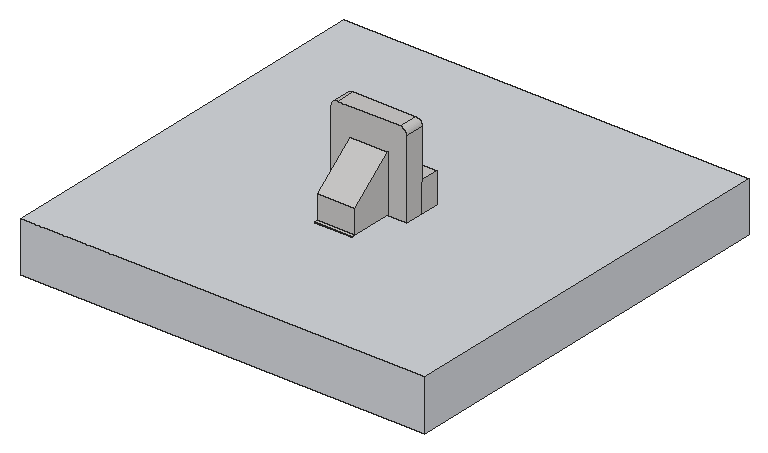
Revit family
Parameters (values of type "1652FA")
  Waste Connection = yes
  Voltage = 0
  Vent Connection = no
  VAC - AcornVac System = no
  URL = "http://www.acorneng.com"
  Type Comments = ""
  Tempered Water Connection = no
  TH - Single Towel Hook on Right = no
  TH - Single Towel Hook on Left = no
  TH - Double Towel Hook on Right = no
  TH - Double Towel Hook on Left = no
  TG - 12 Gage Cabinet = no
  TF - Transformer (for up to 12 solenoids) = no
  TB - Toothbrush Holder on Right = no
  TB - Toothbrush Holder on Left = no
  SW - Wall Sleeve = no
  Revised Date = "09/10/12"
  Phone # = "626-336-4561"
  PBH - Hemispherical Pushbutton = no
  OF - Lavatory Overflow = no
  Model = "1652FA"
  Material = Type 304 Stainless Steel
  Manufacturer = "Acorn Engineering"
  MVC2-BAT - Time-Trol - Hot & Cold - Battery Operation (Batteries Not Included) = no
  MVC2 - Time-Trol - Hot & Cold = no
  MVC1-BAT - Time-Trol - Single Temp - Battery Operation (Batteries Not Included) = no
  MVC1 - Time-Trol - Single Temp = no
  MT - Metal Template (Only One Req'd per Project) = no
  LWE - Lavy Waste Extension (3" Standard) Specify Length Beyond Fixture = no
  LF - Lav-Filler = no
  HW Connection = yes
  FMT - Fixture Mounted Trim = no
  EVSP2 - Electronic Valve System w/ Piezo Pushbuttons = no
  EVSP1 - Electronic Valve System w/ Piezo Pushbutton = no
  EVS2 - Electronic Valve System - Hot & Cold = no
  EVS1 - Electronic Valve System - Single Temp = no
  EG - Enviro-Glaze, Specify Color = no
  Designed By = "ATS BIM Team"
  Description = "18” Lavatory with Oval Bowl - ADA 2010 Compliant - Front Access"
  Default Elevation = 34"
  DMB - Deck Mounted Bubbler: - BP Penal Style = no
  DMB - Deck Mounted Bubbler: - BC Code Bubbler = no
  CW Connection = yes
  CI - Cycle Interrupt for Time-Trol Valves = no
  BPH - Hemispherical Penal Bubbler = no
  BP - Bubbler, Penal = no
  BC - Bubbler, Code = no
  Assembly Code = ""
  Amperage = 0
  9 - Punched for Valve by Others (Specify Punching) = no
  4-M - Air-Control, H&C, Metering = no
  3-M - Air-Control, Single Temp, Metering = no
Reference planes (in)
  plane 1 "Center (Front/Back)": y = 0
  plane 2: z = 0
  plane 3 "Center (Left/Right)": x = 0
  plane 4: y = 4.25
  plane 5: y = -4.5
  plane 6: z = -3
  plane 7: x = 9
  plane 8: x = -9
  plane 9: z = 20
  plane 10: z = 7.125
  plane 11: z = 5.6
  plane 12: through (0, -20.82007, 0.25078) normal (0, 0.6293, -0.7771)
  plane 13: y = -14.21432
  plane 14: through (0, -14.21432, 5.6) normal (0, 0.7771, 0.6293)
  plane 15: through (0, -5.32227, 14.48193) normal (0, 0.7771, 0.6293)
  plane 16: y = -8
  plane 17: y = -15.15432
  plane 18: x = -4.455
  plane 19: x = 4.455
  plane 20: x = -1.8125
  plane 21: x = 1.8125
  plane 22: y = -11
  plane 23: x = 7.375
  plane 24: x = -7.375
  plane 25: z = 8.3125
  plane 26: z = 17.8125
Forms (in)
  Extrusion 1, solid
    sketch origin (0, 0, 0) x (1, 0, 0) y (0, 1, 0)
      loop
        line (-48, 48) -> (-48, -48) -> (48, -48) -> (48, 48) -> (-48, 48)
    from 0 to -12
  Extrusion 2, solid, material "Type 304 Stainless Steel" <- "Material"
    sketch origin (0, -5, 0) x (1, 0, 0) y (0, 0, -1)
      loop
        line (-9, 0) -> (-9, -18.5)
        arc (-9, -18.5) -> (-8.56066, -19.56066) -> (-7.5, -20) r 1.5
        line (-7.5, -20) -> (7.5, -20)
        arc (7.5, -20) -> (8.56066, -19.56066) -> (9, -18.5) r 1.5
        line (9, -18.5) -> (9, 0) -> (-9, 0)
    from 0.5 to 5
  Extrusion 3, solid, material "Type 304 Stainless Steel" <- "Material"
    sketch origin (-9, 0, 60) x (-1, 0, 0) y (0, 0, 1)
      loop
        line (0, -60) -> (0, -52.875) -> (-18, -52.875) -> (-18, -60) -> (0, -60)
    from 0 to 4.25
  Extrusion 4, solid, material "Type 304 Stainless Steel" <- "Material"
    sketch origin (0, -5, 0) x (0, 0, -1) y (0, 1, 0)
      loop
        line (0, -9.21432) -> (0, 0.5) -> (-13.4665, 0.5) -> (-5.6, -9.21432) -> (-0.125, -9.21432) -> (-0.125, -10.15432) -> (0, -10.15432) -> (0, -9.21432)
    from -4.455 to 4.455
  Extrusion 5, void
    sketch origin (-9, 0, 60) x (1, 0, 0) y (0, 0, 1)
      loop
        circle (9, -49.98401) r 1
    from 4.25 to 5.33232
  Extrusion 6, solid
    sketch origin (0, -34.87958, -11) x (1, 0, 0) y (0, 1, 0)
      loop
        circle (0, 26.87958) r 0.75
    from 8 to 11
  Extrusion 7, solid
    sketch origin (0, 0, 0) x (1, 0, 0) y (0, 1, 0)
      loop
        circle (-1.8125, -11) r 0.25
      loop
        circle (1.8125, -11) r 0.25
    from 0 to 0.01563
  Blend 8, void
    base sketch origin (0, 0, 0) x (1, 0, 0) y (0, 0, 1)
      loop
        circle (0, 10.01599) r 1
    top sketch origin (0, 0, 0) x (1, 0, 0) y (0, 0, 1)
      loop
        arc (7.375, 13.0625) -> (6.551, 15.29853) -> (4.70727, 16.80831) r 4.53611
        arc (4.70727, 16.80831) -> (0, 17.8125) -> (-4.70727, 16.80831) r 11.53506
        arc (-4.70727, 16.80831) -> (-6.551, 15.29853) -> (-7.375, 13.0625) r 4.53611
        arc (-7.375, 13.0625) -> (-6.551, 10.82647) -> (-4.70727, 9.31669) r 4.53611
        arc (-4.70727, 9.31669) -> (0, 8.3125) -> (4.70727, 9.31669) r 11.53506
        arc (4.70727, 9.31669) -> (6.551, 10.82647) -> (7.375, 13.0625) r 4.53611
    from 4.5 to 0
Cuts and joins
  Extrusion 5, Blend 8 cuts Extrusion 2
  Extrusion 5, Blend 8 cuts Extrusion 4
Dimensions and locks (in)
  plane 1 "Center (Front/Back)" to plane 4 = 4 1/4"
  plane 5 to plane 1 "Center (Front/Back)" = 4 1/2"
  Extrusion 1 to plane 6 = 3"
  plane 10 to plane 2 = 7 1/8"
  plane 4 to plane 1 "Center (Front/Back)" to plane 5 = 4 1/4", 4 1/2"
  plane 11 to plane 2 = 5.6"
  plane 15 to plane 14 = 12 1/2"
  plane 13 to plane 17 = 0.94"
  plane 16 to plane 1 "Center (Front/Back)" = 8"
  plane 18 to plane 19 = 8.91"
  plane 8 to plane 18 = 4.545"
  plane 19 to plane 7 = 4.545"
  Extrusion 1 to plane 10 = 7 1/8"
  plane 20 to plane 21 = 3 5/8"
  plane 22 to plane 1 "Center (Front/Back)" = 11"
  plane 23 to plane 24 = 14 3/4"
  plane 25 to plane 26 = 9 1/2"
  angle plane 13 to plane 12 = 51.00°
  aligned and locked: plane 2 to Extrusion 1
  aligned and locked: level to Extrusion 1
Connectors (in)
  piping at (0, -8, -3)
    settings: on Extrusion 6, index 2
  piping at (-1.8125, -11, 0)
    settings: on Extrusion 7, index 3
  piping at (1.8125, -11, 0)
    settings: on Extrusion 7, index 4
